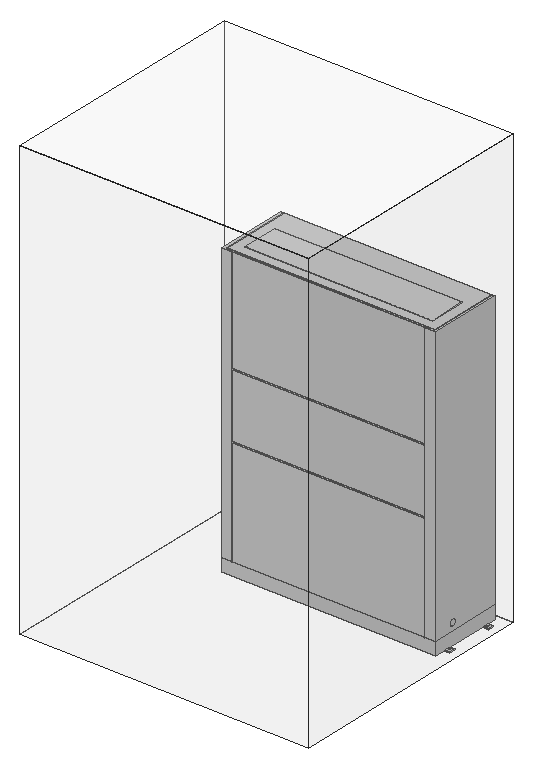
Revit family "pffy-p280rmg9-f_60Hz", category 機械設備, Revit 2019
Family settings
  丸型コネクタ寸法 = 直径を使用
  パーツ タイプ = 標準
  OmniClass 番号 = 23.75.10.24.21.27.27
  OmniClass タイトル = Split System Air Conditioning Units
  作業面ベース = いいえ
  常に垂直 = はい
  ロード時にボイドで切り取り = いいえ
  共有 = いいえ
  部屋計算ポイント = いいえ
Parameters (values of type "PFFY-P280RMG9-F")
  風量（m3／min） = 32.7
  風量 = MAX風量  # 1962.0 m³/h
  音響パワーレベル(dB) = 72
  電源種別 = ""
  電圧_電気ヒーター = 0 V
  電圧 = 200 V
  電動機出力_送風機 = 0.27 kW
  運転質量 = 0.00 kg
  連動 = ""
  質量 = if(製品質量 > 運転質量, 製品質量, 運転質量) * 1.2  # 206.40 kg
  負荷分類 = 3_ファン類
  説明 = "ビル用マルチエアコン オールフレッシュ　室内機"
  設計暖房能力 [instance] = 0 kW
  設計冷房能力_顕熱 [instance] = 0 kW
  設計冷房能力 [instance] = 0 kW
  設置方法 = "床置形"
  記号 [instance] = ""
  製造元 = "三菱電機株式会社"
  製品質量 = 172.00 kg
  製品出荷対象 = "国内"
  製品リリース年月 = "2022年9月15日"
  製品グループ = ""
  系統 [instance] = ""
  符号 = "ACP-FRV(D)"
  積算_科目 = "1 空気調和設備"
  積算_拾い区分 [instance] = ""
  相_電気ヒーター = 1
  相 = 3
  盤記号 [instance] = ""
  発停方法 = ""
  特殊仕様 [instance] = ""
  火災停止 = ""
  消費電力_電気ヒーター = 0 kW
  消費電力_暖房 = 0.45 kW
  消費電力_加湿器 = 0 kW
  消費電力_冷房 = 0.45 kW
  消費電力 = if(消費電力_冷房 > 消費電力_暖房, 消費電力_冷房, 消費電力_暖房) + 消費電力_加湿器 + 消費電力_電気ヒーター  # 0.45 kW
  法定耐用年数 = "15"
  機械基礎質量 [instance] = 0.00 kg
  機械基礎_W = 0 mm
  機械基礎_H = 0 mm
  機械基礎_D = 0 mm
  機械基礎 [instance] = no
  機外静圧 = 150.0 Pa
  極数 = 3
  材質 [instance] = ""
  本体マテリアル = none
  有効加湿量 = 0
  暖房能力 = 26.5 kW
  形式_加湿器 = ""
  形式 = "床置（露出）立形"
  形名 = PFFY-P-RMG : PFFY-P280RMG9
  幹線記号 [instance] = ""
  始動方式 = "直入"
  呼称 = "室内機_床置(露出)立形(ダクト吹)"
  周波数 = 60 Hz
  台数_手元リモコン [instance] = ""
  台数_冷媒分岐ユニット [instance] = ""
  参照している仕様書等のバージョン = "公共建築工事標準仕様書（機械設備工事編）平成31年度版"
  加湿給水管径 = 0.00 mm
  分類コード = "50053003221100"
  分類グループ = ""
  冷房能力 = 28 kW
  冷媒高低圧ガス管径 = 0.00 mm
  冷媒管径符号 = "Bf"
  冷媒管径 = 100.00 mm
  冷媒液管径 = 9.52 mm
  冷媒ガス管径 = 22.20 mm
  価格 = 0
  企業コード = "108420"
  付属品_フィルター = ""
  付属品 [instance] = ""
  仕様書バージョン = "Version1.0"
  モデル = "PFFY-P280RMG9-F"
  ドレン管径 = 34.00 mm
  ダクト高 = 250 mm
  ダクト幅 = 1260 mm
  コメント [instance] = ""
  Keynote = ""
  Width = 1440 mm
  Version = ""
  Uniclass2015Version = "Systems v1.9"
  Uniclass2015Title = "Split coil remote air cooled condensing units"
  Uniclass2015Code = "Pr_70_65_03_84"
  URL = "https://www.mitsubishielectric.co.jp/ldg/wink/ssl/displayProduct.do?pid=317110"
  S寸法 = 0 mm
  SpecificationReference = ""
  SpecificationDescription = ""
  Revision = ""
  ProductInformation = ""
  OmniClassCode = "23-33 17 13 11"
  OAサイズ_W = 430 mm
  OAサイズ_D = 430 mm
  MAX風量 = 風量（m3／min） * 60.0 m³/h  # 1962.0 m³/h
  IfcTypeProduct = ""
  IfcProduct = ""
  IfcExportType = "AIRCONDITIONINGUNIT"
  IfcExportAs = "IfcUnitaryEquipmentType"
  Height = 1950 mm
  Depth = 500 mm
  Clearance Top = 1000 mm
  Clearance Right = 100 mm
  Clearance Left = 400 mm
  Clearance Front = 500 mm
  Clearance Back = 30 mm
  Author = "三菱電機株式会社"
Reference planes
  plane 1: z = -150
  plane 2: z = 1800
  plane 3: z = -150
  plane 4: z = 2800
  plane 5 "中心(正面/背面)": y = -250
  plane 6 "左": x = -720
  plane 7 "右": x = 720
  plane 8 "正面": y = -500
  plane 9 "背面": y = 0
  plane 10: x = 0
  plane 11: x = -875
  plane 12: y = 0
  plane 13: y = -500
  plane 14: x = 720
  plane 15: y = 30
  plane 16: x = 820
  plane 17: x = -1120
  plane 18: y = -1000
  plane 19 "配管_左": x = -723
  plane 20 "電源_右": x = 723
  plane 21 "吸込口_高さ2": z = -45
  plane 22 "吸込口_高さ1": z = 385
  plane 23 "吸込口_幅1": y = -35
  plane 24 "吸込口_幅2": y = -465
Forms (mm)
  Extrusion 1, solid
    sketch origin (-720, 0, 1800) x (0, 0, -1) y (0, -1, 0)
      loop
        line (1415, 35) -> (1845, 35) -> (1845, 465) -> (1415, 465) -> (1415, 35)
    from 0 to 1
Dimensions and locks
  "Height": plane 1 to plane 2
  "Clearance Top": plane 4 to plane 2
  "Width": plane 6 "左" to plane 7 "右"
  equal spacing: plane 8 "正面", plane 5 "中心(正面/背面)", plane 9 "背面"
  "Depth": plane 8 "正面" to plane 9 "背面"
  "S寸法": plane 9 "背面" to plane 12
  "S寸法": plane 13 to plane 8 "正面"
  "S寸法": plane 7 "右" to plane 14
  "Clearance Back": plane 9 "背面" to plane 15
  "Clearance Right": plane 7 "右" to plane 16
  "Clearance Left": plane 17 to plane 6 "左"
  "Clearance Front": plane 18 to plane 8 "正面"
  equal spacing: plane 6 "左", plane 10, plane 7 "右"
  locked: plane 14 to plane 20 "電源_右" at 3
  locked: plane 19 "配管_左" to plane 6 "左" at 3
  aligned and locked: nested 1 to plane 17
  aligned and locked: nested 1 to plane 16
  aligned and locked: plane 15 to nested 1
  aligned and locked: plane 1 to plane 3
  aligned and locked: plane 10 to nested 2
  aligned and locked: plane 4 to nested 1
  aligned and locked: plane 5 "中心(正面/背面)" to nested 2
Automatic sketch dimensions
  Extrusion 1 sketch curve to nested 2 = 35 mm
  nested 2 to Extrusion 1 sketch curve = 450 mm
  nested 2 to Extrusion 1 sketch curve = 20 mm
  nested 2 to Extrusion 1 sketch curve = 35 mm
Nested families
  nested 1: "サービススペース(PFFY-P-DMG)" at (-150, -830, 1325), type "サービススペース(PFFY-P-DMG)"
    with Width 1940 mm, Height 2950 mm, Depth 1720 mm
  nested 2: "PFFY-P-RMG" at (0, -250, -150), type <- "形名", マテリアル1 <- "本体マテリアル", type "PFFY-P280RMG9"
    with 表示 yes, マテリアル2 none, マテリアル1 none
Connectors
  piping at (-723, -325, 760), diameter 100, driven by "冷媒管径", driven by "冷媒管径符号"
    settings: on nested 2, index 1, connector inside diameter 609.60 mm, connector length 0 mm, flow factor 0, pipe flow 0.0 L/s, pressure drop 0.0 Pa, fitting loss kfactor 0, connector angle 0.00°, fixture units 0, engagement length 0 mm, angle of deflection 0.00°, flow configuration 1, flow direction 1, fitting loss method 4, system type 7, joint type 0, gender type 0, connector reference index -1, connector utility 0, adjustable connector no, is connector primary yes, connector description "Bf"
  piping at (-723, -245, -120), diameter 34
    settings: on nested 2, index 2, connector inside diameter 609.60 mm, connector length 0 mm, flow factor 0, pipe flow 0.0 L/s, pressure drop 0.0 Pa, fitting loss kfactor 0, connector angle 0.00°, fixture units 0, engagement length 0 mm, angle of deflection 0.00°, flow configuration 1, flow direction 2, fitting loss method 4, system type 7, joint type 0, gender type 0, connector reference index -1, connector utility 0, adjustable connector no, is connector primary no, connector description ""
  electrical at (723, -360, -10), driven by "電圧", driven by "消費電力", driven by "極数", driven by "負荷分類"
    settings: on nested 2, index 3, voltage 200 V, apparent load 450 VA, apparent load phase1 0 VA, apparent load phase2 0 VA, apparent load phase3 0 VA, power factor 1, load classification "3_ファン類", number of poles 3, system type 30, power factor state 1, is connector primary yes, connector utility no, sub classification motor no, connector description ""
  hvac at (-721, -250, 170), driven by "OAサイズ_D", driven by "OAサイズ_W", driven by "機外静圧", driven by "風量"
    settings: on Extrusion 1, index 4, duct flow 1962.0 m³/h, flow factor 0, pres drop 150.0 Pa, loss coef 0, conn angle 0.00°, conn width 430 mm, conn height 430 mm, conn diameter 609.6 mm, duct sys type 29, conn prof type 1, flow config 0, flow direction 1, loss method 4, conn ref index -1, conn util no, is conn primary yes, conn desc ""
  hvac at (0, -288, 1801), driven by "ダクト高", driven by "ダクト幅", driven by "機外静圧", driven by "風量"
    settings: on nested 2, index 5, duct flow 1962.0 m³/h, flow factor 0, pres drop 150.0 Pa, loss coef 0, conn angle 0.00°, conn width 1260 mm, conn height 250 mm, conn diameter 609.6 mm, duct sys type 29, conn prof type 1, flow config 1, flow direction 2, loss method 4, conn ref index -1, conn util no, is conn primary no, conn desc ""
Definition of nested family "サービススペース(PFFY-P-DMG)"
  Parameters (values of type "サービススペース")
    Width [instance] = 500 mm
    Height [instance] = 500 mm
    Depth [instance] = 500 mm
  Reference planes
    plane 1 "中心(正面/背面)": y = 0
    plane 2: z = 0
    plane 3 "中心(左/右)": x = 0
    plane 4: y = -250
    plane 5: x = 250
    plane 6: y = 250
    plane 7: x = -250
    plane 8: z = 250
    plane 9: z = -250
  Forms (mm)
    Extrusion 1, solid
      sketch origin (-638.939, 0, 72.39) x (1, 0, 0) y (0, 1, 0)
        loop
          line (388.939, 250) -> (388.939, -250) -> (888.939, -250) -> (888.939, 250) -> (388.939, 250)
      from -322.39 to 177.61
  Lines and regions (mm)
    symbolic lines
      curve 1: line (-250, 0, 250) -> (250, 0, 250)
      curve 2: line (-250, 0, -250) -> (-250, 0, 250)
      curve 3: line (250, 0, -250) -> (-250, 0, -250)
      curve 4: line (250, 0, 250) -> (250, 0, -250)
      curve 5: line (0, -250, 250) -> (0, 250, 250)
      curve 6: line (0, -250, -250) -> (0, -250, 250)
      curve 7: line (0, 250, -250) -> (0, -250, -250)
      curve 8: line (0, 250, 250) -> (0, 250, -250)
      curve 9: line (-250, 250, 0) -> (250, 250, 0)
      curve 10: line (-250, -250, 0) -> (-250, 250, 0)
      curve 11: line (250, -250, 0) -> (-250, -250, 0)
      curve 12: line (250, 250, 0) -> (250, -250, 0)
  Dimensions and locks
    equal spacing: plane 7, plane 3 "中心(左/右)", plane 5
    equal spacing: plane 4, plane 1 "中心(正面/背面)", plane 6
    "Depth": plane 4 to plane 6
    "Width": plane 7 to plane 5
    equal spacing: plane 8, plane 2, plane 9
    "Height": plane 8 to plane 9
    aligned and locked: plane 9 to curve 3
    aligned and locked: plane 7 to curve 2
    aligned and locked: curve 4 to plane 5
    aligned and locked: plane 5 to Extrusion 1
    aligned and locked: Extrusion 1 to plane 7
    aligned and locked: Extrusion 1 to plane 9
    aligned and locked: plane 8 to Extrusion 1
    aligned and locked: plane 9 to curve 7
  Automatic sketch dimensions
    plane 4 to Extrusion 1 sketch curve = 0 mm
    Extrusion 1 sketch curve to plane 7 = 0 mm
    Extrusion 1 sketch curve to plane 5 = 0 mm
    plane 6 to Extrusion 1 sketch curve = 0 mm
    curve 2 to plane 8 = 0 mm
    plane 4 to curve 11 = 0 mm
    curve 11 to plane 7 = 0 mm
    curve 11 to plane 5 = 0 mm
    plane 6 to curve 10 = 0 mm
    curve 7 to plane 4 = 0 mm
    curve 7 to plane 6 = 0 mm
    curve 6 to plane 8 = 0 mm
Definition of nested family "PFFY-P-RMG"
  Parameters (values of type "PFFY-P280RMG9")
    液径 = 9.52 mm
    液-W = 0 mm
    液-H = 910 mm
    液-D = 225 mm
    高 = 1950 mm
    電源径 = 36 mm
    電源-W = 0 mm
    電源-H = 140 mm
    電源-D = 140 mm
    表示 [instance] = yes
    幅 = 1440 mm
    奥行 = 500 mm
    吹出し口-W = 1260 mm
    吹出し口-D = 250 mm
    吊りボルト径 = 12 mm
    吊りボルト-W = 1482 mm
    吊りボルト-D = 320 mm
    吊りボルト-H = 0 mm
    冷媒径 = 100 mm
    ガス径 = 22.2 mm
    ガス-W = 0 mm
    ガス-H = 910 mm
    ガス-D = 125 mm
    マテリアル2 [instance] = none
    マテリアル1 [instance] = none
    ドレン径 = 34 mm  # constant formula
    ドレン-W = 0 mm
    ドレン-H = 30 mm
    ドレン-D = 255 mm
  Types (4, lengths in mm): name | 幅 | 吹出し口-W | 吊りボルト-W | ガス径
    PFFY-P280RMG9 | 1440 | 1260 | 1482 | 22.2
    PFFY-P112RMG9 | 980 | 800 | 1022 | 15.88
    PFFY-P140RMG9 | 980 | 800 | 1022 | 15.88
    PFFY-P224RMG9 | 1200 | 1020 | 1242 | 19.05
  Reference planes
    plane 1 "中心(正面/背面)": y = 0
    plane 2: z = 0
    plane 3 "中心(左/右)": x = 0
    plane 4: x = 720
    plane 5: x = -720
    plane 6: y = 250
    plane 7: y = -250
    plane 8: z = 1250
    plane 9: z = 1950
    plane 10: z = 85
    plane 11 "吊りボルト-W2": x = 741
    plane 12 "吊りボルト-W1": x = -741
    plane 13 "ドレン-H": z = 30
    plane 14 "電源穴-H": z = 140
    plane 15: z = 910
    plane 16: z = 910
    plane 17: z = 1240
    plane 18: x = 760
    plane 19: x = -760
    plane 20: y = 130
    plane 21: z = 5
    plane 22 "冷媒管-H": z = 910
    plane 23: z = 800
    plane 24: z = 810
    plane 25 "67-20": y = -183
    plane 26 "吹出し口-D2": y = -163
    plane 27 "吹出し口-D1": y = 87
    plane 28: x = 650
    plane 29 "吹出し口-幅2": x = 630
    plane 30 "吹出し口-幅1": x = -630
    plane 31 "20": x = -650
    plane 32 "吊りボルト-D2": y = -155
    plane 33 "吊りボルト-D1": y = 165
    plane 34 "ドレン-D": y = 5
    plane 35 "冷媒管-D": y = -75
    plane 36 "ガス-D": y = -125
    plane 37 "液-D": y = -25
    plane 38 "電源-D": y = -110
    plane 39 "電源穴-D": y = -110
    plane 40 "ガス": y = -125
    plane 41 "液": y = -25
    plane 42 "制御箱-幅": x = -920
    plane 43 "制御箱-高さ位置": z = 1490
    plane 44 "制御箱-高さ": z = 1154
    plane 45 "制御箱-奥行位置": y = 18
    plane 46 "制御箱-奥行": y = 133
  Forms (mm)
    Extrusion 1, solid, material <- "マテリアル1", visible <- "表示", detail levels fine
      sketch origin (0, 0, -400) x (1, 0, 0) y (0, 1, 0)
        loop
          line (650, -230) -> (-650, -230) -> (-650, -247) -> (650, -247) -> (650, -230)
      from 1650 to 2350
    Extrusion 2, solid, material <- "マテリアル1", visible <- "表示", detail levels fine
      sketch origin (0, 0, -800) x (1, 0, 0) y (0, 1, 0)
        loop
          line (-650, -247) -> (650, -247) -> (650, -230) -> (-650, -230) -> (-650, -247)
      from 885 to 1600
    Extrusion 3, solid, material <- "マテリアル2", visible <- "表示", detail levels fine
      sketch origin (0, 0, 0) x (1, 0, 0) y (0, 1, 0)
        loop
          line (720, 185) -> (720, 145) -> (760, 145) -> (760, 185) -> (720, 185)
        loop
          line (720, -137.5) -> (720, -177.5) -> (760, -177.5) -> (760, -137.5) -> (720, -137.5)
        loop
          line (-760, 185) -> (-760, 145) -> (-720, 145) -> (-720, 185) -> (-760, 185)
        loop
          line (-760, -137.5) -> (-760, -177.5) -> (-720, -177.5) -> (-720, -137.5) -> (-760, -137.5)
        loop
          circle (-741, 165) r 6
        loop
          circle (741, 165) r 6
        loop
          circle (741, -155) r 6
        loop
          circle (-741, -155) r 6
      from 0 to 5
    Extrusion 4, solid, material <- "マテリアル1", visible <- "表示", detail levels fine
      sketch origin (-1437.329, -1524, 1748) x (-1, 0, 0) y (0, -1, 0)
        loop
          line (-717.329, -1774) -> (-717.329, -1274) -> (-787.329, -1274) -> (-787.329, -1294) -> (-737.329, -1294) -> (-737.329, -1774) -> (-717.329, -1774)
        loop
          line (-2137.329, -1774) -> (-2137.329, -1294) -> (-2087.329, -1294) -> (-2087.329, -1274) -> (-2157.329, -1274) -> (-2157.329, -1774) -> (-2137.329, -1774)
      from -1663 to 202
    Extrusion 5, solid, material <- "マテリアル1", visible <- "表示", detail levels fine
      sketch origin (-1437.329, -1524, 1748) x (-1, 0, 0) y (0, -1, 0)
        loop
          line (-2137.329, -1774) -> (-737.329, -1774) -> (-737.329, -1294) -> (-2137.329, -1294) -> (-2137.329, -1774)
      from -1663 to 202
    Extrusion 6, solid, material <- "マテリアル2", visible <- "表示", detail levels fine
      sketch origin (-1437.329, -1524, 1748) x (-1, 0, 0) y (0, -1, 0)
        loop
          line (-717.329, -1774) -> (-717.329, -1274) -> (-2157.329, -1274) -> (-2157.329, -1774) -> (-717.329, -1774)
      from -1748 to -1663
    Extrusion 7, solid, material <- "マテリアル2", visible <- "表示", detail levels fine
      sketch origin (720, 1296.25, 1200) x (0, 1, 0) y (0, 0, 1)
        loop
          circle (-1406.25, -1060) r 18
      from 0 to 3
    Extrusion 8, solid, material <- "マテリアル1", visible <- "表示", detail levels fine
      sketch origin (0, 0, -360) x (1, 0, 0) y (0, 1, 0)
        loop
          line (-650, -247) -> (650, -247) -> (650, -230) -> (-650, -230) -> (-650, -247)
      from 1170 to 1600
    Extrusion 9, solid, detail levels fine
      sketch origin (-1437.329, -1524, 1950) x (-1, 0, 0) y (0, -1, 0)
        loop
          line (-2067.329, -1361) -> (-2067.329, -1611) -> (-807.329, -1611) -> (-807.329, -1361) -> (-2067.329, -1361)
      from 0 to 1
    Extrusion 10, solid, detail levels fine
      sketch origin (-720, -250, 1748) x (0, 1, 0) y (0, 0, -1)
        loop
          circle (175, 838) r 50
      from 0 to 3
    Extrusion 11, solid, detail levels fine
      sketch origin (-720, -250, 1748) x (0, 1, 0) y (0, 0, -1)
        loop
          circle (255, 1718) r 17
      from 0 to 3
    Extrusion 12, solid, detail levels fine
      sketch origin (-720, -250, 1748) x (0, 1, 0) y (0, 0, -1)
        loop
          circle (125, 838) r 11.1
        loop
          circle (225, 838) r 4.76
      from 0 to 3
    Extrusion 13, solid, detail levels fine
      sketch origin (-1437.329, -1524, 1154) x (-1, 0, 0) y (0, -1, 0)
        loop
          line (-717.329, -1657) -> (-517.329, -1657) -> (-517.329, -1542) -> (-717.329, -1542) -> (-717.329, -1657)
      from 0 to 336
  Lines and regions (mm)
    Masking region 1, visible <- "表示", detail levels coarse+medium
      outline origin (0, 0, 0) x (1, 0, 0) y (0, 1, 0)
        loop
          line (-720, 250) -> (-720, -250) -> (720, -250) -> (720, 250) -> (-720, 250)
    symbolic lines, visible <- "表示"
      curve 1: line (-720, 250, 1748) -> (-720, -250, 1748)
      curve 2: line (-720, -250, 1748) -> (720, -250, 1748)
      curve 3: line (720, -250, 1748) -> (720, 250, 1748)
      curve 4: line (720, 250, 1748) -> (-720, 250, 1748)
  Dimensions and locks
    equal spacing: plane 7, plane 1 "中心(正面/背面)", plane 6
    "奥行": plane 7 to plane 6
    equal spacing: plane 5, plane 3 "中心(左/右)", plane 4
    "幅": plane 5 to plane 4
    plane 10 to level = 85 mm
    equal spacing: plane 12 "吊りボルト-W1", plane 3 "中心(左/右)", plane 11 "吊りボルト-W2"
    "吊りボルト-W": plane 12 "吊りボルト-W1" to plane 11 "吊りボルト-W2"
    "ドレン-H": plane 13 "ドレン-H" to level
    "電源-H": plane 14 "電源穴-H" to level
    "液-H": plane 15 to level
    plane 9 to plane 8 = 700 mm
    "ガス-H": plane 16 to level
    locked: plane 8 to plane 17 at 10
    locked: plane 19 to plane 5 at 40
    locked: plane 4 to plane 18 at 40
    locked: plane 21 to level at 5
    "高": plane 9 to level
    locked: plane 24 to plane 23 at 10
    plane 23 to level = 800 mm
    locked: plane 7 to plane 25 "67-20" at 67
    "吹出し口-D": plane 26 "吹出し口-D2" to plane 27 "吹出し口-D1"
    locked: plane 25 "67-20" to plane 26 "吹出し口-D2" at 20
    locked: plane 28 to plane 4 at 70
    locked: plane 29 "吹出し口-幅2" to plane 28 at 20
    "吹出し口-W": plane 30 "吹出し口-幅1" to plane 29 "吹出し口-幅2"
    locked: plane 31 "20" to plane 30 "吹出し口-幅1" at 20
    locked: plane 7 to plane 32 "吊りボルト-D2" at 95
    "吊りボルト-D": plane 32 "吊りボルト-D2" to plane 33 "吊りボルト-D1"
    plane 7 to plane 45 "制御箱-奥行位置" = 268 mm
    plane 45 "制御箱-奥行位置" to plane 46 "制御箱-奥行" = 115 mm
    plane 9 to plane 43 "制御箱-高さ位置" = 460 mm
    plane 43 "制御箱-高さ位置" to plane 44 "制御箱-高さ" = 336 mm
    "吊りボルト径": diameter of Extrusion 3 sketch curve  (x4)
    "電源径": diameter of Extrusion 7 sketch curve
    "冷媒径": diameter of Extrusion 10 sketch curve
    "ドレン径": diameter of Extrusion 11 sketch curve
    "ガス径": diameter of Extrusion 12 sketch curve
    "液径": diameter of Extrusion 12 sketch curve
    aligned and locked: level to plane 2
    aligned and locked: Extrusion 2 to plane 10
    aligned and locked: Extrusion 1 to plane 8
    aligned and locked: Extrusion 4 to plane 10
    aligned and locked: plane 9 to Extrusion 4
    aligned and locked: plane 9 to Extrusion 1
    aligned and locked: Extrusion 4 sketch curve to plane 7
    aligned and locked: Extrusion 5 sketch curve to plane 6
    aligned and locked: plane 9 to Extrusion 5
    aligned and locked: Extrusion 5 to plane 10
    aligned and locked: plane 4 to Extrusion 3 sketch curve  (x2)
    aligned and locked: Extrusion 3 sketch curve to plane 18  (x2)
    aligned and locked: plane 19 to Extrusion 3 sketch curve  (x2)
    aligned and locked: Extrusion 3 sketch curve to plane 5  (x2)
    aligned and locked: plane 12 "吊りボルト-W1" to Extrusion 3 sketch curve  (x2)
    aligned and locked: plane 11 "吊りボルト-W2" to Extrusion 3 sketch curve  (x2)
    aligned and locked: Extrusion 3 to level
    aligned and locked: plane 21 to Extrusion 3
    aligned and locked: Extrusion 6 sketch curve to Extrusion 4
    aligned and locked: Extrusion 6 sketch curve to Extrusion 5
    aligned and locked: Extrusion 6 to level
    aligned and locked: plane 10 to Extrusion 6
    aligned and locked: Masking region 1 sketch curve to Extrusion 6
    aligned and locked: Masking region 1 sketch curve to Extrusion 4
    aligned and locked: Masking region 1 sketch curve to plane 7
    aligned and locked: Masking region 1 sketch curve to plane 4
    aligned and locked: plane 14 "電源穴-H" to Extrusion 7 sketch curve
    aligned and locked: Extrusion 7 to plane 4
    aligned and locked: plane 23 to Extrusion 2
    aligned and locked: Extrusion 8 to plane 24
    aligned and locked: plane 30 "吹出し口-幅1" to Extrusion 9 sketch curve
    aligned and locked: nested 1 to plane 11 "吊りボルト-W2"
    aligned and locked: plane 33 "吊りボルト-D1" to nested 1
    aligned and locked: plane 32 "吊りボルト-D2" to nested 1
    aligned and locked: plane 12 "吊りボルト-W1" to nested 1
  Automatic sketch dimensions
    plane 7 to curve 2 = 0 mm
    plane 6 to Extrusion 4 sketch curve = 0 mm  (x2)
    Extrusion 4 sketch curve to plane 5 = 0 mm
    plane 5 to Extrusion 1 sketch curve = 70 mm
    plane 5 to Extrusion 2 sketch curve = 70 mm
    Extrusion 4 sketch curve to plane 4 = 20 mm
    plane 5 to Extrusion 4 sketch curve = 20 mm
    Extrusion 5 sketch curve to plane 4 = 20 mm
    plane 5 to Extrusion 5 sketch curve = 20 mm
    plane 5 to Extrusion 8 sketch curve = 70 mm
    Extrusion 1 sketch curve to plane 7 = 3 mm
    Extrusion 1 sketch curve to Extrusion 1 sketch curve = 17 mm
    Extrusion 2 sketch curve to plane 7 = 3 mm
    Extrusion 2 sketch curve to Extrusion 2 sketch curve = 17 mm
    Extrusion 4 sketch curve to plane 7 = 20 mm  (x2)
    Extrusion 5 sketch curve to plane 7 = 20 mm
    Extrusion 8 sketch curve to plane 7 = 3 mm
    Extrusion 8 sketch curve to Extrusion 8 sketch curve = 17 mm
    curve 2 to plane 5 = 0 mm
    plane 6 to curve 4 = 0 mm
    curve 3 to plane 4 = 0 mm
    Extrusion 4 sketch curve to Extrusion 4 sketch curve = 70 mm
    Extrusion 1 sketch curve to plane 4 = 70 mm
    Extrusion 2 sketch curve to plane 4 = 70 mm
    Extrusion 8 sketch curve to plane 4 = 70 mm
    Extrusion 9 sketch curve to Extrusion 5 = 70 mm
    Extrusion 9 sketch curve to Extrusion 5 = 163 mm
    Extrusion 9 sketch curve to Extrusion 5 = 67 mm
    Extrusion 4 sketch curve to plane 31 "20" = 0 mm
    plane 7 to Extrusion 4 sketch curve = 0 mm
    Extrusion 4 sketch curve to plane 4 = 0 mm
    Extrusion 6 sketch curve to plane 4 = 0 mm
    plane 7 to Extrusion 6 sketch curve = 0 mm
    Extrusion 13 sketch curve to plane 5 = 0 mm
    Extrusion 13 sketch curve to plane 42 "制御箱-幅" = 0 mm
    plane 46 "制御箱-奥行" to Extrusion 13 sketch curve = 0 mm
    plane 45 "制御箱-奥行位置" to Extrusion 13 sketch curve = 0 mm
    plane 32 "吊りボルト-D2" to Extrusion 3 sketch curve = 0 mm  (x2)
    plane 33 "吊りボルト-D1" to Extrusion 3 sketch curve = 0 mm  (x2)
    Extrusion 3 sketch curve to plane 25 "67-20" = 5.5 mm  (x2)
    Extrusion 3 sketch curve to plane 40 "ガス" = 12.5 mm  (x2)
    Extrusion 3 sketch curve to plane 46 "制御箱-奥行" = 12 mm  (x2)
    Extrusion 3 sketch curve to plane 33 "吊りボルト-D1" = 20 mm  (x2)
    Extrusion 7 sketch curve to plane 38 "電源-D" = 0 mm
    Extrusion 10 sketch curve to Extrusion 4 = 175 mm
    Extrusion 4 to Extrusion 10 sketch curve = 825 mm
    Extrusion 11 sketch curve to Extrusion 4 = 55 mm
    Extrusion 4 to Extrusion 11 sketch curve = 245 mm
    Extrusion 12 sketch curve to Extrusion 4 = 125 mm
    Extrusion 12 sketch curve to Extrusion 12 sketch curve = 100 mm
    Extrusion 4 to Extrusion 12 sketch curve = 825 mm
    Extrusion 12 sketch curve to Extrusion 12 sketch curve = 0 mm
  Nested families
    nested 1: "固定点" at (-741, -155, 0), visible <- "表示", D <- "吊りボルト-D", W <- "吊りボルト-W", type "固定点", detail levels fine
      with W 1482 mm, D 320 mm, 中心円 12 mm
  Definition of nested family "固定点"
    Parameters (values of type "固定点")
      中心円 = 20 mm
      W [instance] = 1000 mm
      D [instance] = 1000 mm
    Reference planes
      plane 1 "中心(正面/背面)": y = 0
      plane 2: z = 0
      plane 3 "中心(左/右)": x = 0
      plane 4: x = 1000
      plane 5: y = 1000
    Lines and regions (mm)
      symbolic lines, detail levels fine
        curve 1: circle (0, 1000, 0) r 10 normal (0, 0, 1)
        curve 2: circle (0, 0, 0) r 10 normal (0, 0, 1)
        curve 3: circle (1000, 1000, 0) r 10 normal (0, 0, 1)
        curve 4: circle (1000, 0, 0) r 10 normal (0, 0, 1)
        curve 5: line (-200, 1000, 0) -> (1200, 1000, 0)
        curve 6: line (-200, 0, 0) -> (1200, 0, 0)
        curve 7: line (0, 1200, 0) -> (0, -200, 0)
        curve 8: line (1000, 1200, 0) -> (1000, -200, 0)
    Dimensions and locks
      "W": plane 3 "中心(左/右)" to plane 4
      "D": plane 1 "中心(正面/背面)" to plane 5
      "中心円": diameter of curve 1
      "中心円": diameter of curve 2
      "中心円": diameter of curve 3
      "中心円": diameter of curve 4
      aligned and locked: level to plane 2
      aligned and locked: plane 5 to curve 1
      aligned and locked: plane 3 "中心(左/右)" to curve 1
      aligned and locked: plane 3 "中心(左/右)" to curve 2
      aligned and locked: plane 1 "中心(正面/背面)" to curve 2
      aligned and locked: plane 4 to curve 3
      aligned and locked: plane 5 to curve 3
      aligned and locked: plane 1 "中心(正面/背面)" to curve 4
      aligned and locked: plane 4 to curve 4
      aligned and locked: plane 1 "中心(正面/背面)" to curve 6
      aligned and locked: curve 7 to plane 3 "中心(左/右)"
      aligned and locked: curve 8 to plane 4
    Automatic sketch dimensions
      curve 5 to plane 5 = 0 mm
      curve 6 to plane 3 "中心(左/右)" = 200 mm
      curve 5 to plane 3 "中心(左/右)" = 200 mm
      curve 4 to curve 6 = 200 mm
      curve 3 to curve 5 = 200 mm
      plane 1 "中心(正面/背面)" to curve 8 = 200 mm
      plane 1 "中心(正面/背面)" to curve 7 = 200 mm
      curve 3 to curve 8 = 200 mm
      curve 1 to curve 7 = 200 mm
